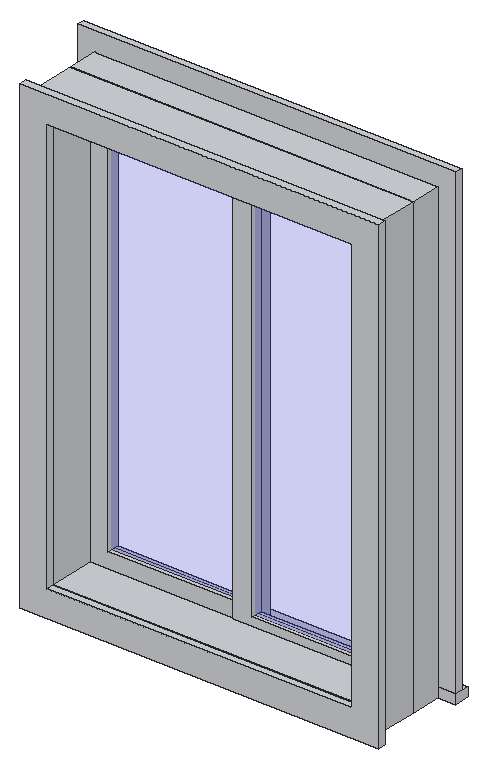
Revit family "推拉窗5 - 带贴面", category 窗, Revit 2018
Family settings
  主体 = 墙
  总是垂直 = 是
  加载时剪切的空心 = 否
  共享 = 否
  房间计算点 = 否
Parameters (values of type "900 x 1200mm")
  窗扇框宽度 = 50 mm
  窗扇框厚度 = 30 mm
  Visual Light Transmittance = 0.9
  Solar Heat Gain Coefficient = 0.78
  窗台厚度 = 40 mm
  窗台材质 = none
  Rough Width = 宽度  # 900 mm
  Rough Height = 高度  # 1200 mm
  构造类型 ID = ""
  高窗平面 [instance] = not(通用窗平面)  # no
  传热系数(U) = 3.6886 W/(m²·K)
  玻璃 = none
  通用窗平面 [instance] = yes
  框架宽度 = 25 mm
  框架材质 = none
  贴面厚度 = 20 mm
  Assembly Code = ""
  贴面宽度 = 70 mm
  高度 = 1200 mm
  窗扇框材质 = none
  默认窗台高度 = 900 mm
  贴面材质 = none
  墙闭合 = 按主体
  宽度 = 900 mm
  窗嵌入 = 20 mm
  分析构造 = 1/8 英寸 Pilkington 单层玻璃
Reference planes
  plane 1: y = 13.127
  plane 2: z = 5
  plane 3 "中心(左/右)": x = 9.525
  plane 4 "左": x = -440.475
  plane 5 "右": x = 459.525
  plane 6 "窗台": z = 905
  plane 7 "水头": z = 2105
  plane 8: x = 434.525
  plane 9: z = 2080
  plane 10: z = 930
  plane 11 "外部": y = 33.127
  plane 12 "内部": y = -166.873
  plane 13: x = 34.525
  plane 14: x = -15.475
  plane 15: x = 384.525
  plane 16: x = -365.475
  plane 17: x = -415.475
  plane 18: x = 409.525
  plane 19 "轴线": y = -16.873
  plane 20: y = -46.873
  plane 21: z = 939.05
  plane 22: x = -390.475
  plane 23: z = 2050
  plane 24: z = 2030
  plane 25: y = -31.873
  plane 26: y = -1.873
  plane 27: z = 980
  plane 28: z = 960
  plane 29 "中心(前/后)": y = -66.873
  plane 30: z = 890
  plane 31: y = -46.873
  plane 32: y = -86.873
  plane 33: x = 209.525
  plane 34: x = -190.475
  plane 35: z = 1505
Forms (mm)
  Extrusion 1, solid, material <- "框架材质"
    sketch origin (0, 0, 0) x (0, 0, -1) y (1, 0, 0)
      loop
        line (-2105, 459.525) -> (-2105, -440.475) -> (-905, -440.475) -> (-905, 459.525) -> (-2105, 459.525)
      loop
        line (-2080, -415.475) -> (-930, -415.475) -> (-930, 434.525) -> (-2080, 434.525) -> (-2080, -415.475)
    from -33.127 to 46.873
  Extrusion 2, solid, material <- "窗扇框材质"
    sketch origin (0, 0, 0) x (0, 0, -1) y (1, 0, 0)
      loop
        line (-2080, 434.525) -> (-2080, -15.475) -> (-930, -15.475) -> (-930, 434.525) -> (-2080, 434.525)
      loop
        line (-2030, 384.525) -> (-2030, 34.525) -> (-980, 34.525) -> (-980, 384.525) -> (-2030, 384.525)
    from 16.873 to 46.873
  Extrusion 3, solid, material <- "窗扇框材质"
    sketch origin (0, 0, 0) x (0, 0, -1) y (1, 0, 0)
      loop
        line (-930, -415.475) -> (-930, 34.525) -> (-2080, 34.525) -> (-2080, -415.475) -> (-930, -415.475)
      loop
        line (-980, -365.475) -> (-980, -15.475) -> (-2030, -15.475) -> (-2030, -365.475) -> (-980, -365.475)
    from -13.127 to 16.873
  Extrusion 4, solid, material <- "贴面材质", detail levels fine
    sketch origin (0, 33.127, 0) x (0, 0, 1) y (1, 0, 0)
      loop
        line (930, 434.525) -> (2080, 434.525) -> (2080, -415.475) -> (930, -415.475) -> (930, -485.475) -> (2155, -485.475) -> (2155, 504.525) -> (930, 504.525) -> (930, 434.525)
    from 0 to 20
  Extrusion 5, solid, material <- "窗台材质", detail levels fine
    sketch origin (0, 33.127, 0) x (0, 0, 1) y (1, 0, 0)
      loop
        line (930, -485.475) -> (930, 504.525) -> (905, 504.525) -> (905, -485.475) -> (930, -485.475)
    from 0 to 40
  Extrusion 6, solid, material <- "贴面材质", detail levels fine
    sketch origin (0, 1.05, 0) x (0, 0, -1) y (1, 0, 0)
      loop
        line (-960, -390.475) -> (-960, 409.525) -> (-2050, 409.525) -> (-2050, -390.475) -> (-960, -390.475)
      loop
        line (-890, -460.475) -> (-890, 479.525) -> (-2120, 479.525) -> (-2120, -460.475) -> (-890, -460.475)
    from 167.923 to 187.923
  Extrusion 7, solid, material <- "框架材质"
    sketch origin (0, 33.127, 0) x (0, 0, 1) y (1, 0, 0)
      loop
        line (2105, 459.525) -> (905, 459.525) -> (905, -440.475) -> (2105, -440.475) -> (2105, 459.525)
      loop
        line (2050, -390.475) -> (2050, 409.525) -> (960, 409.525) -> (960, -390.475) -> (2050, -390.475)
    from -200 to -80
  Extrusion 8, solid, material <- "玻璃"
    sketch origin (0, 33.127, 0) x (0, 0, 1) y (1, 0, 0)
      loop
        line (2030, 384.525) -> (980, 384.525) -> (980, 34.525) -> (2030, 34.525) -> (2030, 384.525)
    from -70 to -60
  Extrusion 9, solid, material <- "玻璃"
    sketch origin (0, 33.127, 0) x (0, 0, 1) y (1, 0, 0)
      loop
        line (2030, -15.475) -> (980, -15.475) -> (980, -365.475) -> (2030, -365.475) -> (2030, -15.475)
    from -40 to -30
Lines and regions (mm)
  Opening 1
    outline origin (-1705.917, -166.873, 0) x (1, 0, 0) y (0, 0, 1)
      loop
        line (1265.442, 2105) -> (1265.442, 905) -> (2165.442, 905) -> (2165.442, 2105) -> (1265.442, 2105)
  Masking region 1, visible <- "通用窗平面"
    outline origin (0, 0, 0) x (1, 0, 0) y (0, 1, 0)
      loop
        line (-440.475, 33.127) -> (-440.475, -166.873) -> (459.525, -166.873) -> (459.525, 33.127) -> (-440.475, 33.127)
  Masking region 2
    outline origin (9.525, 0, 0) x (0, 1, 0) y (0, 0, 1)
      loop
        line (-166.873, 2105) -> (-166.873, 905) -> (33.127, 905) -> (33.127, 2105) -> (-166.873, 2105)
  symbolic lines, style "平/剖面打开方向 - 实线", visible <- "通用窗平面"
    curve 1: line (-440.475, 33.127, 0) -> (459.525, 33.127, 0)
    curve 2: line (-440.475, -166.873, 0) -> (-440.475, 33.127, 0)
    curve 3: line (459.525, -166.873, 0) -> (-440.475, -166.873, 0)
    curve 4: line (459.525, 33.127, 0) -> (459.525, -166.873, 0)
    curve 5: line (-440.475, -46.873, 0) -> (459.525, -46.873, 0)
    curve 6: line (-440.475, -86.873, 0) -> (459.525, -86.873, 0)
  symbolic lines, style "平面打开方向 - 划线", visible <- "高窗平面"
    curve 7: line (-440.475, 33.127, 0) -> (-440.475, -166.873, 0)
    curve 8: line (459.525, -166.873, 0) -> (459.525, 33.127, 0)
    curve 9: line (-440.475, -86.873, 0) -> (459.525, -86.873, 0)
    curve 10: line (-440.475, -46.873, 0) -> (459.525, -46.873, 0)
  symbolic lines, style "InvisibleLines"
    curve 11: line (9.525, 33.127, 2080) -> (9.525, 33.127, 930)
  symbolic lines, style "立面打开方向 - 实线"
    curve 12: line (359.525, 33.127, 1505) -> (59.525, 33.127, 1505)
    curve 13: line (59.525, 33.127, 1505) -> (153.494, 33.127, 1539.202)
    curve 14: line (59.525, 33.127, 1505) -> (153.494, 33.127, 1470.798)
    curve 15: line (-340.475, 33.127, 1505) -> (-40.475, 33.127, 1505)
    curve 16: line (-40.475, 33.127, 1505) -> (-134.444, 33.127, 1539.202)
    curve 17: line (-40.475, 33.127, 1505) -> (-134.444, 33.127, 1470.798)
  symbolic lines, style "平/剖面打开方向 - 实线"
    curve 18: line (9.525, -166.873, 2105) -> (9.525, 33.127, 2105)
    curve 19: line (9.525, -166.873, 905) -> (9.525, -166.873, 2105)
    curve 20: line (9.525, 33.127, 905) -> (9.525, -166.873, 905)
    curve 21: line (9.525, 33.127, 2105) -> (9.525, 33.127, 905)
    curve 22: line (9.525, -86.873, 2105) -> (9.525, -86.873, 905)
    curve 23: line (9.525, -46.873, 2105) -> (9.525, -46.873, 905)
Text (mm)
  text "EXTERIOR" at (-1490.695, 430.209, 0), in view "参照标高"
  text "INTERIOR" at (-1490.695, -546.194, 0), in view "参照标高"
  text "Exterior" at (0, 1108.87, 3129.179), in view "左"
  text "Exterior" at (0, 464.664, 3176.206), in view "右"
Dimensions and locks
  equal spacing: plane 4 "左", plane 3 "中心(左/右)", plane 5 "右"
  "宽度": plane 4 "左" to plane 5 "右"
  "高度": plane 6 "窗台" to plane 7 "水头"
  "默认窗台高度": plane 2 to plane 6 "窗台"
  locked: plane 11 "外部" to host wall at 0
  locked: plane 12 "内部" to host wall
  locked: plane 2 to host wall
  "贴面厚度": Extrusion 6 to plane 12 "内部"
  "贴面厚度": Extrusion 4 to plane 11 "外部"
  "框架宽度": plane 4 "左" to plane 17
  "框架宽度": plane 8 to plane 5 "右"
  locked: plane 17 to plane 22 at 25
  plane 18 to plane 8 = 25 mm
  "窗嵌入": plane 1 to plane 11 "外部"
  equal spacing: plane 20, plane 19 "轴线", plane 1
  "窗扇框宽度": plane 17 to plane 16
  "窗扇框宽度": plane 15 to plane 8
  equal spacing: plane 14, plane 3 "中心(左/右)", plane 13
  "窗扇框宽度": plane 14 to plane 13
  "框架宽度": plane 9 to plane 7 "水头"
  locked: plane 23 to plane 9 at 30
  "窗扇框宽度": plane 24 to plane 9
  plane 13 to plane 15 = 350 mm
  plane 16 to plane 14 = 350 mm
  equal spacing: Extrusion 8, plane 25, Extrusion 8
  locked: Extrusion 8 to Extrusion 8 at 10
  equal spacing: Extrusion 9, plane 26, Extrusion 9
  locked: Extrusion 9 to Extrusion 9 at 10
  plane 19 "轴线" to plane 1 = 30 mm
  equal spacing: plane 19 "轴线", plane 26, plane 1
  equal spacing: plane 20, plane 25, plane 19 "轴线"
  locked: Extrusion 5 to Extrusion 4 at 20
  "贴面宽度": Extrusion 4 to plane 17
  "贴面宽度": plane 8 to Extrusion 5
  "框架宽度": plane 6 "窗台" to plane 10
  locked: plane 10 to plane 28 at 30
  "窗扇框宽度": plane 10 to plane 27
  "贴面宽度": plane 28 to plane 30
  "贴面宽度": Extrusion 6 to plane 22
  "贴面宽度": plane 18 to Extrusion 6
  "贴面宽度": Extrusion 6 to plane 23
  equal spacing: plane 31, plane 29 "中心(前/后)", plane 32
  locked: plane 31 to plane 32 at 40
  equal spacing: plane 27, plane 35, plane 24
  equal spacing: plane 15, plane 33, plane 13
  equal spacing: plane 14, plane 34, plane 16
  locked: plane 33 to curve 12 at 150
  locked: curve 12 to plane 33 at 150
  locked: curve 13 to curve 14 at 100
  locked: curve 14 to curve 14 at 100
  locked: plane 34 to curve 17 at 150
  locked: curve 15 to plane 34 at 150
  locked: curve 17 to curve 16 at 100
  locked: curve 17 to curve 17 at 100
  locked: curve 13 to plane 35 (angle 20.00°)
  locked: plane 35 to curve 14 (angle 20.00°)
  locked: plane 35 to curve 16 (angle 20.00°)
  locked: curve 17 to plane 35 (angle 20.00°)
  aligned and locked: plane 7 "水头" to Opening 1 sketch curve
  aligned and locked: plane 6 "窗台" to Opening 1 sketch curve  (x2)
  aligned and locked: plane 5 "右" to Opening 1 sketch curve
  aligned and locked: plane 4 "左" to Opening 1 sketch curve
  aligned and locked: host wall to Extrusion 1  (x2)
  aligned and locked: Extrusion 3 to plane 1
  aligned and locked: Extrusion 4 to host wall
  aligned and locked: Extrusion 5 to host wall
  aligned and locked: Extrusion 6 to host wall
  aligned and locked: Extrusion 2 sketch curve to plane 14
  aligned and locked: plane 13 to Extrusion 3 sketch curve
  aligned and locked: Extrusion 3 sketch curve to plane 9
  aligned and locked: Extrusion 2 to Extrusion 3
  aligned: Extrusion 1 to Extrusion 2
  aligned: plane 12 "内部" to Extrusion 1
  aligned and locked: Extrusion 2 to plane 20
  aligned and locked: plane 1 to Extrusion 3  (x2)
  aligned and locked: Extrusion 4 sketch curve to plane 8
  aligned and locked: Extrusion 1 sketch curve to host wall  (x2)
  aligned and locked: plane 4 "左" to Extrusion 1 sketch curve
  aligned and locked: Extrusion 1 sketch curve to plane 17
  aligned and locked: Extrusion 1 to plane 20
  aligned and locked: plane 17 to Extrusion 4 sketch curve
  aligned and locked: Extrusion 1 to plane 11 "外部"
  aligned and locked: plane 20 to Extrusion 1
  aligned and locked: plane 8 to Extrusion 1 sketch curve
  aligned and locked: Extrusion 1 sketch curve to plane 9
  aligned and locked: plane 16 to Extrusion 3 sketch curve
  aligned and locked: Extrusion 3 sketch curve to plane 17
  aligned and locked: Extrusion 3 sketch curve to plane 14
  aligned and locked: plane 8 to Extrusion 2 sketch curve
  aligned and locked: Extrusion 2 sketch curve to plane 9
  aligned and locked: plane 20 to Extrusion 2
  aligned and locked: plane 19 "轴线" to Extrusion 3
  aligned and locked: Extrusion 2 to plane 19 "轴线"
  aligned and locked: host wall to Extrusion 7 sketch curve
  aligned and locked: Extrusion 7 sketch curve to Extrusion 1
  aligned and locked: Extrusion 7 sketch curve to plane 22
  aligned and locked: Extrusion 7 sketch curve to plane 18
  aligned and locked: plane 20 to Extrusion 7
  aligned and locked: plane 12 "内部" to Extrusion 7
  aligned and locked: Extrusion 3 sketch curve to plane 24
  aligned and locked: Extrusion 8 sketch curve to plane 15
  aligned and locked: plane 13 to Extrusion 8 sketch curve
  aligned and locked: Extrusion 8 sketch curve to plane 24
  aligned and locked: Extrusion 9 sketch curve to plane 14
  aligned and locked: plane 16 to Extrusion 9 sketch curve
  aligned and locked: Extrusion 9 sketch curve to plane 24
  aligned and locked: Extrusion 4 to Extrusion 5 sketch curve
  aligned: Extrusion 6 to Extrusion 5 sketch curve
  aligned and locked: Extrusion 2 sketch curve to plane 24
  aligned and locked: plane 7 "水头" to Extrusion 7 sketch curve
  aligned and locked: plane 23 to Extrusion 7 sketch curve
  aligned and locked: Extrusion 7 sketch curve to plane 6 "窗台"
  aligned and locked: Extrusion 1 sketch curve to plane 6 "窗台"
  aligned and locked: Extrusion 1 sketch curve to plane 10
  aligned and locked: plane 28 to Extrusion 7 sketch curve
  aligned and locked: Extrusion 2 sketch curve to plane 10
  aligned and locked: plane 27 to Extrusion 2 sketch curve
  aligned and locked: Extrusion 3 sketch curve to plane 10
  aligned and locked: plane 27 to Extrusion 3 sketch curve
  aligned and locked: plane 27 to Extrusion 8 sketch curve
  aligned and locked: plane 27 to Extrusion 9 sketch curve
  aligned and locked: Extrusion 4 sketch curve to plane 10  (x2)
  aligned and locked: Extrusion 5 sketch curve to plane 10
  aligned and locked: plane 6 "窗台" to Extrusion 5 sketch curve
  aligned and locked: Extrusion 6 sketch curve to plane 28
  aligned and locked: Extrusion 6 sketch curve to plane 22
  aligned and locked: plane 30 to Extrusion 6 sketch curve
  aligned and locked: plane 23 to Extrusion 6 sketch curve
  aligned and locked: Extrusion 5 sketch curve to Extrusion 4
  aligned and locked: plane 11 "外部" to Masking region 1 sketch curve
  aligned and locked: Masking region 1 sketch curve to plane 4 "左"
  aligned and locked: Masking region 1 sketch curve to plane 12 "内部"
  aligned and locked: plane 5 "右" to Masking region 1 sketch curve
  aligned and locked: plane 11 "外部" to curve 1
  aligned and locked: curve 2 to plane 4 "左"
  aligned and locked: curve 3 to plane 12 "内部"
  aligned and locked: plane 5 "右" to curve 4
  aligned and locked: curve 5 to plane 31
  aligned and locked: plane 32 to curve 6
  aligned and locked: curve 10 to plane 31
  aligned and locked: plane 32 to curve 9
  aligned and locked: plane 4 "左" to curve 7
  aligned and locked: curve 8 to plane 5 "右"
  aligned and locked: plane 3 "中心(左/右)" to curve 11
  aligned and locked: curve 12 to plane 35
  aligned and locked: plane 35 to curve 12
  aligned and locked: plane 35 to curve 15
  aligned and locked: plane 35 to curve 17
  aligned and locked: plane 7 "水头" to Masking region 2 sketch curve
  aligned and locked: Masking region 2 sketch curve to plane 12 "内部"
  aligned and locked: Masking region 2 sketch curve to plane 6 "窗台"
  aligned and locked: plane 11 "外部" to Masking region 2 sketch curve
  aligned and locked: plane 7 "水头" to curve 18
  aligned and locked: curve 19 to plane 12 "内部"
  aligned and locked: curve 20 to plane 6 "窗台"
  aligned and locked: plane 11 "外部" to curve 21
  aligned and locked: plane 32 to curve 22
  aligned and locked: curve 23 to plane 31
Automatic sketch dimensions
  Extrusion 1 to Extrusion 5 sketch curve = 45 mm
  Extrusion 2 sketch curve to plane 13 = 0 mm
  Extrusion 2 sketch curve to plane 15 = 0 mm
  Extrusion 4 sketch curve to Extrusion 1 = 0 mm
  Extrusion 1 to Extrusion 4 sketch curve = 50 mm
  Extrusion 1 to Extrusion 4 sketch curve = 45 mm  (x2)
  plane 18 to Extrusion 6 sketch curve = 0 mm
  Extrusion 6 sketch curve to plane 7 "水头" = 15 mm
  plane 4 "左" to Extrusion 6 sketch curve = 20 mm
  Extrusion 6 sketch curve to plane 5 "右" = 20 mm
  curve 11 to Extrusion 1 = 0 mm  (x2)
